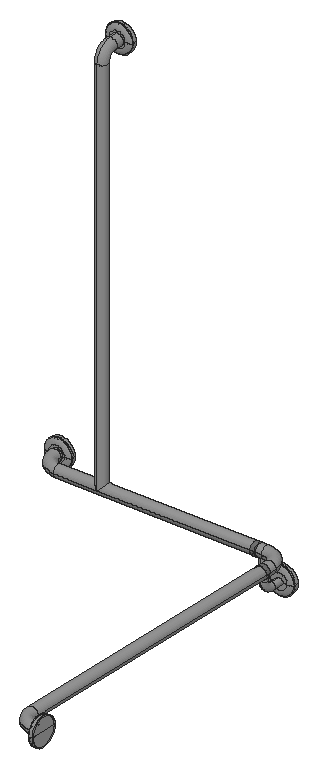
Revit family "rba-bim-rba4110-753", category Plumbing Fixtures, Revit 2016
Family settings
  Part Type = Normal
  Round Connector Dimension = Use Diameter
  Work Plane-Based = No
  Always vertical = Yes
  Cut with Voids When Loaded = No
  Shared = No
  Room Calculation Point = No
Parameters (values of type "RBA4110-753")
  Watermarked By = "www.rba.com.au"
  URL = "http://www.rba.com.au/accessible-disabled/grab-rails"
  R_Void [instance] = 15.00 mm
  R [instance] = 0.00 mm
  Phone Number = "1300 788 778"
  Modified Issue = "20190911.01"
  Model = "RBA4110-753"
  Materials and Finishes = Stainless Steel, Satin Finish
  Manufacturer = "RBA Group"  # constant formula
  Description = "2 Wall Grab Bar with 90° Angled Shower Rail, Left Hand"
  Copyright by = "RBA Group"  # constant formula
  Assembly Code = ""
Reference planes
  plane 1 "Center (Front/Back)": y = 0
  plane 2: z = 0
  plane 3: x = 40.5
  plane 4: y = -575
  plane 5: z = 1100
  plane 6: y = -1000
  plane 7: x = -134.5
  plane 8: x = -709.5
  plane 9: z = -100
  plane 10: x = -539.5
  plane 11: y = -71
  plane 12: x = -46.5
  plane 13: x = -14.5
  plane 14: x = -96.05
  plane 15: x = -76.95
  plane 16: x = -86.5
Forms (mm)
  Sweep 1, solid, material "Stainless Steel, Satin Finish" <- "Materials and Finishes"
    path origin (-539.5, 11.454, 1100) x (0, -1, 0) y (0, 0, 1)
      loop
        line (21.454, 0) -> (50.454, 0)
        arc (50.454, 0) -> (73.082, -9.373) -> (82.454, -32) r 32
        line (82.454, -32) -> (82.454, -1100)
    profile origin (-539.5, -24.5, 1100) x (0, 0, 1) y (-1, 0, 0)
      loop
        circle (0, 0) r 16
  Sweep 2, solid, material "Stainless Steel, Satin Finish" <- "Materials and Finishes"
    path origin (0, 0, 0) x (1, 0, 0) y (0, 1, 0)
      loop
        line (32.412, -1000) -> (17.5, -1000)
        arc (17.5, -1000) -> (-16.441, -985.941) -> (-30.5, -952) r 48
        line (-30.5, -952) -> (-30.5, -119)
        arc (-30.5, -119) -> (-44.559, -85.059) -> (-78.5, -71) r 48
        line (-78.5, -71) -> (-661.5, -71)
        arc (-661.5, -71) -> (-695.441, -56.941) -> (-709.5, -23) r 48
        line (-709.5, -23) -> (-709.5, -7.508)
    profile origin (-709.5, -15.254, 0) x (-1, 0, 0) y (0, 0, 1)
      loop
        circle (0, 0) r 16
  Revolve 3, solid, material "Stainless Steel, Satin Finish" <- "Materials and Finishes"
    sketch origin (-709.5, 18.663, 0) x (0, -1, 0) y (1, 0, 0)
      loop
        line (18.663, -37.8) -> (18.663, -38.8) -> (27.574, -38.8)
        arc (27.574, -38.8) -> (28.635, -38.597) -> (29.546, -38.018) r 2.88
        arc (29.546, -38.018) -> (34.374, -30.877) -> (35.671, -22.355) r 19.6
        line (35.671, -22.355) -> (35.671, 0) -> (34.671, 0) -> (34.671, -22.391)
        arc (34.671, -22.391) -> (33.449, -30.496) -> (28.861, -37.29) r 18.6
        arc (28.861, -37.29) -> (28.266, -37.668) -> (27.574, -37.8) r 1.88
        line (27.574, -37.8) -> (18.663, -37.8)
      axis (18.663, 0) -> (35.671, 0)
    angle from 0 to 360
  Extrusion 4, void
    sketch origin (0, 0, 0) x (1, 0, 0) y (0, 0, 1)
      loop
        circle (-695.25, 24.393) r 3.25
      loop
        circle (-723.75, 24.393) r 3.25
      loop
        circle (-737.75, 0) r 3.25
      loop
        circle (-723.75, -24.393) r 3.25
      loop
        circle (-695.25, -24.393) r 3.25
      loop
        circle (-681.25, 0) r 3.25
    from 0 to 5
  Revolve 5, solid, material "Stainless Steel, Satin Finish" <- "Materials and Finishes"
    sketch origin (-955.6, -40.5, 0) x (0, 1, 0) y (-1, 0, 0)
      loop
        line (24.492, -246.1) -> (39.5, -246.1) -> (39.5, -208.3) -> (31.59, -208.3)
        arc (31.59, -208.3) -> (30.897, -208.432) -> (30.302, -208.81) r 1.88
        arc (30.302, -208.81) -> (25.714, -215.604) -> (24.492, -223.709) r 18.6
        line (24.492, -223.709) -> (24.492, -246.1)
      axis (24.492, -246.1) -> (39.5, -246.1)
    angle from 0 to 360
  Revolve 6, solid, material "Stainless Steel, Satin Finish" <- "Materials and Finishes"
    sketch origin (-539.4, 18.663, 1100) x (0, -1, 0) y (1, 0, 0)
      loop
        line (18.663, -37.8) -> (18.663, -38.8) -> (27.574, -38.8)
        arc (27.574, -38.8) -> (28.635, -38.597) -> (29.546, -38.018) r 2.88
        arc (29.546, -38.018) -> (34.374, -30.877) -> (35.671, -22.355) r 19.6
        line (35.671, -22.355) -> (35.671, 0) -> (34.671, 0) -> (34.671, -22.391)
        arc (34.671, -22.391) -> (33.449, -30.496) -> (28.861, -37.29) r 18.6
        arc (28.861, -37.29) -> (28.266, -37.668) -> (27.574, -37.8) r 1.88
        line (27.574, -37.8) -> (18.663, -37.8)
      axis (18.663, 0) -> (35.671, 0)
    angle from 0 to 360
  Extrusion 7, void
    sketch origin (170.1, 0, 1100) x (1, 0, 0) y (0, 0, 1)
      loop
        circle (-695.25, 24.393) r 3.25
      loop
        circle (-723.75, 24.393) r 3.25
      loop
        circle (-737.75, 0) r 3.25
      loop
        circle (-723.75, -24.393) r 3.25
      loop
        circle (-695.25, -24.393) r 3.25
      loop
        circle (-681.25, 0) r 3.25
    from 0 to 5
  Revolve 8, solid, material "Stainless Steel, Satin Finish" <- "Materials and Finishes"
    sketch origin (-785.5, -40.5, 1100) x (0, 1, 0) y (-1, 0, 0)
      loop
        line (24.492, -246.1) -> (39.5, -246.1) -> (39.5, -208.3) -> (31.59, -208.3)
        arc (31.59, -208.3) -> (30.897, -208.432) -> (30.302, -208.81) r 1.88
        arc (30.302, -208.81) -> (25.714, -215.604) -> (24.492, -223.709) r 18.6
        line (24.492, -223.709) -> (24.492, -246.1)
      axis (24.492, -246.1) -> (39.5, -246.1)
    angle from 0 to 360
  Revolve 9, solid, material "Stainless Steel, Satin Finish" <- "Materials and Finishes"
    sketch origin (59.163, -1000, 0) x (-1, 0, 0) y (0, -1, 0)
      loop
        line (18.663, -37.8) -> (18.663, -38.8) -> (27.574, -38.8)
        arc (27.574, -38.8) -> (28.635, -38.597) -> (29.546, -38.018) r 2.88
        arc (29.546, -38.018) -> (34.374, -30.877) -> (35.671, -22.355) r 19.6
        line (35.671, -22.355) -> (35.671, 0) -> (34.671, 0) -> (34.671, -22.391)
        arc (34.671, -22.391) -> (33.449, -30.496) -> (28.861, -37.29) r 18.6
        arc (28.861, -37.29) -> (28.266, -37.668) -> (27.574, -37.8) r 1.88
        line (27.574, -37.8) -> (18.663, -37.8)
      axis (18.663, 0) -> (35.671, 0)
    angle from 0 to 360
  Extrusion 10, void
    sketch origin (40.5, -1709.5, 0) x (0, -1, 0) y (0, 0, 1)
      loop
        circle (-695.25, 24.393) r 3.25
      loop
        circle (-723.75, 24.393) r 3.25
      loop
        circle (-737.75, 0) r 3.25
      loop
        circle (-723.75, -24.393) r 3.25
      loop
        circle (-695.25, -24.393) r 3.25
      loop
        circle (-681.25, 0) r 3.25
    from 0 to 5
  Revolve 11, solid, material "Stainless Steel, Satin Finish" <- "Materials and Finishes"
    sketch origin (0, -753.9, 0) x (1, 0, 0) y (0, 1, 0)
      loop
        line (24.492, -246.1) -> (39.5, -246.1) -> (39.5, -208.3) -> (31.59, -208.3)
        arc (31.59, -208.3) -> (30.897, -208.432) -> (30.302, -208.81) r 1.88
        arc (30.302, -208.81) -> (25.714, -215.604) -> (24.492, -223.709) r 18.6
        line (24.492, -223.709) -> (24.492, -246.1)
      axis (24.492, -246.1) -> (39.5, -246.1)
    angle from 0 to 360
  Revolve 12, solid, material "Rubber, Black"
    sketch origin (0, 0, 0) x (1, 0, 0) y (0, 1, 0)
      loop
        line (-110.7, -54.3) -> (-110.7, -71) -> (-98.7, -71) -> (-98.7, -54.3)
        arc (-98.7, -54.3) -> (-104.7, -53.6) -> (-110.7, -54.3) r 26.064
      axis (-110.7, -71) -> (-98.7, -71)
    angle from 0 to 360
  Revolve 13, solid, material "Rubber, Black"
    sketch origin (40.5, -249.9, 0) x (0, -1, 0) y (1, 0, 0)
      loop
        line (-110.7, -54.3) -> (-110.7, -71) -> (-98.7, -71) -> (-98.7, -54.3)
        arc (-98.7, -54.3) -> (-104.7, -53.6) -> (-110.7, -54.3) r 26.064
      axis (-110.7, -71) -> (-98.7, -71)
    angle from 0 to 360
  Sweep 14, solid, material "Stainless Steel, Satin Finish" <- "Materials and Finishes"
    path origin (-86.5, 11.454, -85) x (0, -1, 0) y (0, 0, -1)
      loop
        line (20.454, 15) -> (54.454, 15)
        arc (54.454, 15) -> (74.253, 6.799) -> (82.454, -13) r 28
        line (82.454, -13) -> (82.454, -85)
    profile origin (-86.5, -26, -100) x (0, 0, -1) y (1, 0, 0)
      loop
        circle (0, 0) r 9.55
  Revolve 15, solid, material "Stainless Steel, Satin Finish" <- "Materials and Finishes"
    sketch origin (-86.5, 18.663, -100) x (0, -1, 0) y (1, 0, 0)
      loop
        line (18.663, -37.8) -> (18.663, -38.8) -> (27.574, -38.8)
        arc (27.574, -38.8) -> (28.635, -38.597) -> (29.546, -38.018) r 2.88
        arc (29.546, -38.018) -> (34.374, -30.877) -> (35.671, -22.355) r 19.6
        line (35.671, -22.355) -> (35.671, 0) -> (34.671, 0) -> (34.671, -22.391)
        arc (34.671, -22.391) -> (33.449, -30.496) -> (28.861, -37.29) r 18.6
        arc (28.861, -37.29) -> (28.266, -37.668) -> (27.574, -37.8) r 1.88
        line (27.574, -37.8) -> (18.663, -37.8)
      axis (18.663, 0) -> (35.671, 0)
    angle from 0 to 360
  Extrusion 16, void
    sketch origin (623, 0, -100) x (1, 0, 0) y (0, 0, 1)
      loop
        circle (-695.25, 24.393) r 3.25
      loop
        circle (-723.75, 24.393) r 3.25
      loop
        circle (-737.75, 0) r 3.25
      loop
        circle (-723.75, -24.393) r 3.25
      loop
        circle (-695.25, -24.393) r 3.25
      loop
        circle (-681.25, 0) r 3.25
    from 0 to 5
  Revolve 17, solid, material "Stainless Steel, Satin Finish" <- "Materials and Finishes"
    sketch origin (-332.6, -40.5, -100) x (0, 1, 0) y (-1, 0, 0)
      loop
        line (24.492, -246.1) -> (39.5, -246.1) -> (39.5, -208.3) -> (31.59, -208.3)
        arc (31.59, -208.3) -> (30.897, -208.432) -> (30.302, -208.81) r 1.88
        arc (30.302, -208.81) -> (25.714, -215.604) -> (24.492, -223.709) r 18.6
        line (24.492, -223.709) -> (24.492, -246.1)
      axis (24.492, -246.1) -> (39.5, -246.1)
    angle from 0 to 360
Cuts and joins
  Extrusion 4 cuts Sweep 2
  Extrusion 4, Extrusion 7, Extrusion 10 cuts Revolve 3
  Extrusion 4, Extrusion 7, Extrusion 10 cuts Revolve 5
  joined: Sweep 1, Sweep 2, Revolve 3, Revolve 5, Revolve 6, Revolve 9, Sweep 14, Revolve 15
  Extrusion 7 cuts Revolve 8
  Extrusion 10 cuts Revolve 11
  Extrusion 16 cuts Revolve 17
Dimensions and locks
  plane 5 to level = 1100.00 mm  (x2)
  plane 1 "Center (Front/Back)" to plane 6 = 1000.00 mm
  plane 2 to plane 9 = 100.00 mm
  plane 3 to plane 7 = 175.00 mm
  plane 3 to plane 8 = 750.00 mm
  plane 1 "Center (Front/Back)" to plane 4 = 575.00 mm
  radius of Sweep 1 sketch curve = 16.00 mm
